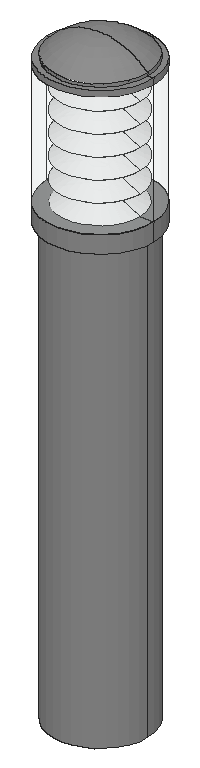
Revit family
Parameters
  Wattage = 100 W
  built-in parameter 1150110 = 1 (stored number, unit not read)
  built-in parameter 1114217 = 1 (stored number, unit not read)
  built-in parameter 1150109 = 1 (stored number, unit not read)
  built-in parameter 1150134 = 4
  built-in parameter 1150113 = 1 (stored number, unit not read)
  Material Post = Metal - Black
  Material Lamp Glazing = Glass - Blue Light Frosted
  Material Filament = Metal - Chrome Polished
  built-in parameter 1150105 = 95.493 (stored number, unit not read)
  Lumens = 1200 lm
  built-in parameter 1150115 = 1 (stored number, unit not read)
  Light Source Symbol Size = 609.6 mm
  built-in parameter 1150137 = (empty or 0)
  built-in parameter 1150139 = (empty or 0)
  built-in parameter 1150112 = 1 (stored number, unit not read)
  built-in parameter 1150114 = 1 (stored number, unit not read)
  built-in parameter 1150132 = (empty or 0)
  built-in parameter 1150102 = (empty or 0)
  built-in parameter 1150107 = 2800 (stored number, unit not read)
  built-in parameter 1150138 = (empty or 0)
  built-in parameter 1150106 = 0.95493 (stored number, unit not read)
  Fixture Height = 900 mm
  built-in parameter 1150104 = 1.1148 (stored number, unit not read)
  Dimming Lamp Color Temperature Shift = (empty or 0)
  Color Filter = 16777215
  built-in parameter 1114218 = 1 (stored number, unit not read)
  built-in parameter 1150133 = 10 (stored number, unit not read)
Reference planes
  plane 1 "Light Source Axis (F/B)": y = 0
  plane 2: z = 0
  plane 3 "Light Source Axis (L/R)": x = 0
  plane 4 "Fixture Top": z = 900
  plane 5 "Light Source Elevation": z = 900
Forms (mm)
  Revolve 1, solid, material "Metal - Black" <- "Material Post"
    sketch origin (0, 0, 0) x (1, 0, 0) y (0, 0, 1)
      loop
        line (0, 0) -> (0, 800) -> (-92.5, 800) -> (-92.5, 770) -> (-82.5, 770) -> (-82.5, 0) -> (0, 0)
      axis (0, 0) -> (0, 800)
    angle from 0 to 360
  Revolve 2, solid, material "Metal - Chrome Polished" <- "Material Filament"
    sketch origin (0, 0, 0) x (1, 0, 0) y (0, 0, 1)
      loop
        line (-69.404, 800) -> (0, 800) -> (0, 825.357) -> (-15.026, 825.357) -> (-69.404, 800)
      loop
        line (0, 835.357) -> (0, 861.004) -> (-15.026, 861.004) -> (-70.026, 835.357) -> (0, 835.357)
      loop
        line (0, 871.004) -> (0, 896.651) -> (-15.026, 896.651) -> (-70.026, 871.004) -> (0, 871.004)
      loop
        line (0, 906.651) -> (0, 932.298) -> (-15.026, 932.298) -> (-70.026, 906.651) -> (0, 906.651)
      loop
        line (0, 942.298) -> (0, 967.945) -> (-15.026, 967.945) -> (-70.026, 942.298) -> (0, 942.298)
      loop
        line (0, 977.945) -> (0, 1003.592) -> (-15.026, 1003.592) -> (-70.026, 977.945) -> (0, 977.945)
      axis (0, 800) -> (0, 1003.592)
    angle from 0 to 360
  Revolve 3, solid, material "Metal - Black" <- "Material Post"
    sketch origin (0, 0, 0) x (1, 0, 0) y (0, 0, 1)
      loop
        line (-92.5, 1023.25) -> (-92.5, 1013.25) -> (0, 1013.25) -> (0, 1062)
        arc (0, 1062) -> (-44.843, 1053.908) -> (-82.5, 1028.25) r 109.407
        line (-82.5, 1028.25) -> (-82.5, 1023.25) -> (-92.5, 1023.25)
      axis (0, 1013.25) -> (0, 1062)
    angle from 0 to 360
  Revolve 4, solid, material "Glass - Blue Light Frosted" <- "Material Lamp Glazing"
    sketch origin (0, 0, 0) x (1, 0, 0) y (0, 0, 1)
      loop
        line (-92.5, 1013.25) -> (-92.5, 800) -> (0, 800) -> (0, 1013.25) -> (-92.5, 1013.25)
      axis (0, 800) -> (0, 1013.25)
    angle from 0 to 360
Lines and regions (mm)
  Masking region 1
    outline origin (0, 0, 0) x (1, 0, 0) y (0, 1, 0)
      loop
        circle (0, 0) r 92.5
  symbolic lines
    curve 1: circle (0, 0, 0) r 92.5 normal (0, 0, 1)
Dimensions and locks
  "Fixture Height": plane 4 "Fixture Top" to plane 2
  Revolve 3 sketch curve to plane 4 "Fixture Top" = 113.25 mm
  plane 4 "Fixture Top" to Revolve 1 sketch curve = 100 mm
  plane 4 "Fixture Top" to Revolve 2 sketch curve = 100 mm
  plane 4 "Fixture Top" to Revolve 4 sketch curve = 100 mm
  plane 5 "Light Source Elevation" to plane 4 "Fixture Top" = 0 mm
  aligned and locked: level to plane 2
  aligned and locked: plane 3 "Light Source Axis (L/R)" to imposter light
  aligned and locked: plane 1 "Light Source Axis (F/B)" to imposter light
  aligned and locked: plane 5 "Light Source Elevation" to imposter light
  aligned and locked: curve 1 to Revolve 3
  aligned and locked: Revolve 2 sketch curve to plane 3 "Light Source Axis (L/R)"  (x5)
  aligned and locked: plane 3 "Light Source Axis (L/R)" to Revolve 2 sketch curve
Automatic sketch dimensions
  Revolve 1 sketch curve to level = 0 mm
  Revolve 1 sketch curve to plane 3 "Light Source Axis (L/R)" = 0 mm  (x2)
  Revolve 1 sketch curve to Revolve 1 sketch curve = 82.5 mm
  Revolve 1 sketch curve to Revolve 1 sketch curve = 10 mm
  Revolve 1 sketch curve to level = 160 mm
  Revolve 1 sketch curve to Revolve 1 sketch curve = 30 mm
  plane 4 "Fixture Top" to Revolve 1 sketch curve = 680 mm
  Revolve 3 sketch curve to plane 3 "Light Source Axis (L/R)" = 0 mm  (x2)
  Revolve 3 sketch curve to plane 3 "Light Source Axis (L/R)" = 3.418 mm
  Revolve 3 sketch curve to Revolve 3 sketch curve = 10 mm  (x2)
  Revolve 3 sketch curve to Revolve 3 sketch curve = 5 mm
  Revolve 3 sketch curve to level = 46.408 mm
  Revolve 3 sketch curve to Revolve 3 sketch curve = 0 mm
  Revolve 3 sketch curve to plane 4 "Fixture Top" = 52.646 mm
  Revolve 3 sketch curve to plane 3 "Light Source Axis (L/R)" = 82.5 mm
  Revolve 3 sketch curve to Revolve 3 sketch curve = 60.604 mm
  Revolve 4 sketch curve to plane 3 "Light Source Axis (L/R)" = 0 mm  (x2)
  Revolve 4 sketch curve to plane 3 "Light Source Axis (L/R)" = 92.5 mm
  Revolve 4 sketch curve to Revolve 4 sketch curve = 66.75 mm
  Revolve 4 sketch curve to plane 4 "Fixture Top" = 113.25 mm
  Revolve 4 sketch curve to Revolve 4 sketch curve = 155 mm
  Masking region 1 sketch curve to plane 1 "Light Source Axis (F/B)" = 0 mm
  Masking region 1 sketch curve to plane 3 "Light Source Axis (L/R)" = 0 mm
  Revolve 2 sketch curve to plane 3 "Light Source Axis (L/R)" = 0 mm
  Revolve 2 sketch curve to Revolve 2 sketch curve = 15.026 mm  (x4)
  Revolve 2 sketch curve to plane 3 "Light Source Axis (L/R)" = 15.026 mm  (x2)
  plane 4 "Fixture Top" to Revolve 2 sketch curve = 3.349 mm
  Revolve 2 sketch curve to Revolve 2 sketch curve = 54.378 mm
  Revolve 2 sketch curve to Revolve 2 sketch curve = 55 mm  (x2)
  Revolve 2 sketch curve to Revolve 2 sketch curve = 0.622 mm
  Revolve 2 sketch curve to plane 4 "Fixture Top" = 6.651 mm
  Revolve 2 sketch curve to Revolve 2 sketch curve = 0 mm  (x2)
  Revolve 2 sketch curve to level = 72.793 mm
  Revolve 2 sketch curve to Revolve 2 sketch curve = 25.357 mm
  Revolve 2 sketch curve to Revolve 2 sketch curve = 10 mm  (x3)
  Revolve 2 sketch curve to Revolve 2 sketch curve = 25.647 mm  (x4)
  plane 4 "Fixture Top" to Revolve 2 sketch curve = 28.996 mm
  Revolve 2 sketch curve to Revolve 2 sketch curve = 151.388 mm
  radius of Masking region 1 sketch curve = 92.5 mm
